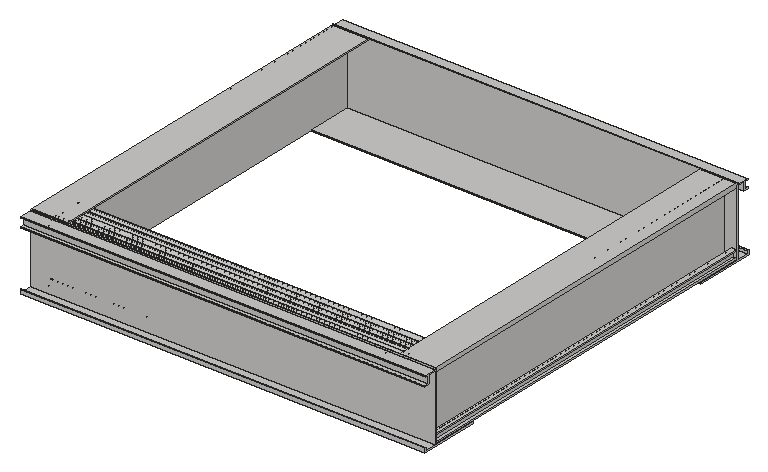
Revit family "Louver_Carnes-Ext_Alum-Drainable-Stationary-FTBB", category Duct Accessories, host Face, Revit 2012
Parameters (values of type "FTBB")
  ecoScorecard_data = ""
  ecoScorecard Product Page = "http://ecoscorecard.com/"
  Width = 24"
  Warranty URL = "http://www.carnes.com/GeneralCatalogs/termcond.pdf"
  URL = "http://www.carnes.com/index.html"
  Subcategory = "Louvers and Dampers"  # constant formula
  Spec Sheet URL = "http://www.carnes.com/Louvers/pdf/17125.pdf"
  Product Page URL = "http://www.carnes.com/Louvers/FPBB-FTBB.htm"
  Product Line = "Extruded Aluminum Stationary Drainable Blade Louver"  # constant formula
  Offset = 3"
  Model = "FTBB"  # constant formula
  Minimum Size = "12\"W x 12\"H"
  Maximum Vertical Size = "84\"W x 120\"H"
  Maximum System Velocity = 1250 FPM  # constant formula
  Maximum System Pressure = 0.70 in-wg  # constant formula
  Maximum Size Note = ""
  Maximum Horinzontal Size = "120\"W x 84\"H"
  Manufacturer Phone = "608-845-6411"  # constant formula
  Manufacturer Fax = "608-845-6470"  # constant formula
  Manufacturer Email = "mailto:carnes@carnes.com"
  Manufacturer Address = "448 S. Main St., P. O. Box 930040, Verona, WI 53593-0040"  # constant formula
  Manufacturer = "CARNES COMPANY"  # constant formula
  Installation and Maintenance URL = ""
  Height = 24"
  Frame Material = Metal - Carnes - Steel - Galvanized
  Fire Closure Device = ""
  Duct Connector 2 = "Duct Connection 2"  # constant formula
  Duct Connector 1 = "Duct Connection 1"  # constant formula
  Description = "Extruded Aluminum Stationary Drainable Blade Louver"  # constant formula
  Depth = 4 41/256"
  Default Elevation = 0"
  Cost Info = "mailto:carnes@carnes.com"
  Catalog URL = "http://www.carnes.com/Louvers/pdf/f24-25.pdf"
  Blade Width = Actual Width - 217/256" * 2  # 22 39/128"
  Blade Material = Metal - Carnes - Steel - Galvanized
  Assembly Code = "B2010300"
  Actual Width = if(Width < 6", 6", if(Width > 72", 72", Width))  # 24"
  Actual Height = if(Height < 6", 6", if(Height > 72", 72", Height))  # 24"
  95 CSI = "10200"  # constant formula
  04 CSI = "08 91 00"  # constant formula
Reference planes (in)
  plane 1 "Center (Front/Back)": y = 0
  plane 2: z = 0
  plane 3 "Center (Left/Right)": x = 0
  plane 4: x = -12
  plane 5: x = 12
  plane 6: y = 12
  plane 7: y = -12
  plane 8: y = -10.9375
  plane 9: x = -11.20993
  plane 10: x = 11.20993
  plane 11: z = -1.5
  plane 12: y = -11.47734
  plane 13: x = 22.20993
  plane 14: z = -5.375
  plane 15: z = -3
  plane 16: y = -9.48917
  plane 17: z = -1.90625
  plane 18: z = 1.5
  plane 19: z = -4.09375
  plane 20: z = -7.5
  plane 21: y = -10.85234
  plane 22: x = 10.20993
Forms (in)
  Extrusion 1, void
    sketch origin (0, 0, 0) x (1, 0, 0) y (0, 1, 0)
      loop
        line (12, -12) -> (12, 12) -> (-12, 12) -> (-12, -12) -> (12, -12)
    from 0 to -32.56442
  Sweep 2, solid, material "Metal - Carnes - Steel - Galvanized" <- "Frame Material", detail levels medium+fine
    path origin (0, -21.84066, -3) x (-1, 0, 0) y (0, -1, 0)
      loop
        line (12, -10.68775) -> (12, -32.99357)
    profile "Right-Left-Profile : Right-Left-Profile" origin (-12, 0, -3) x (-1, 0, 0) y (0, 0, 1)
      loop
        line (-2.13006, 2.01758) -> (-0.84709, 2.01758) -> (-0.84709, -2.08008) -> (-0.78459, -2.08008) -> (-0.78459, -1.99051) -> (-0.0593, -1.99051) -> (-0.0593, -1.92801) -> (-0.24689, -1.92801) -> (-0.24689, -1.49898) -> (0, -1.49898) -> (0, -1.43648) -> (-0.30939, -1.43648) -> (-0.30939, -1.92801) -> (-0.78459, -1.92801) -> (-0.78459, 2.01758) -> (-0.0625, 2.01758) -> (-0.0625, 1.83008) -> (0, 1.83008) -> (0, 2.08008) -> (-2.13006, 2.08008) -> (-2.13006, 2.01758)
  Sweep 3, solid, material "Metal - Carnes - Steel - Galvanized" <- "Frame Material", detail levels coarse
    path origin (0, -21.84066, -3) x (-1, 0, 0) y (0, -1, 0)
      loop
        line (0, -9.84066) -> (0, -33.84066)
    profile origin (0, 0, -3) x (-1, 0, 0) y (0, 0, 1)
      loop
        line (-12, 2.08008) -> (-12, -2.08008) -> (12, -2.08008) -> (12, 2.08008) -> (-12, 2.08008)
  Sweep 4, solid, material "Metal - Carnes - Steel - Galvanized" <- "Frame Material", detail levels medium+fine
    path origin (0, -21.84066, -3) x (-1, 0, 0) y (0, -1, 0)
      loop
        line (-12, -10.68775) -> (-12, -32.99357)
    profile "Right-Left-Profile : Right-Left-Profile" origin (12, 0, -3) x (-1, 0, 0) y (0, 0, 1)
      loop
        line (2.13006, 2.01758) -> (2.13006, 2.08008) -> (0, 2.08008) -> (0, 1.83008) -> (0.0625, 1.83008) -> (0.0625, 2.01758) -> (0.78459, 2.01758) -> (0.78459, -1.92801) -> (0.30939, -1.92801) -> (0.30939, -1.43648) -> (0, -1.43648) -> (0, -1.49898) -> (0.24689, -1.49898) -> (0.24689, -1.92801) -> (0.0593, -1.92801) -> (0.0593, -1.99051) -> (0.78459, -1.99051) -> (0.78459, -2.08008) -> (0.84709, -2.08008) -> (0.84709, 2.01758) -> (2.13006, 2.01758)
  Sweep 5, solid, material "Metal - Carnes - Steel - Galvanized" <- "Frame Material", detail levels medium+fine
    path origin (0, -21.84066, -3) x (-1, 0, 0) y (0, -1, 0)
      loop
        line (12, -33.84066) -> (-12, -33.84066)
    profile "Profile : Profile" origin (0, 12, -3) x (0, 1, 0) y (0, 0, 1)
      loop
        line (-3.54633, -2.01758) -> (-3.54633, -2.08008) -> (0, -2.08008) -> (0, -1.83008) -> (-0.0625, -1.83008) -> (-0.0625, -2.01758) -> (-0.78459, -2.01758) -> (-0.78459, 1.92801) -> (-0.30939, 1.92801) -> (-0.30939, 1.43648) -> (0, 1.43648) -> (0, 1.49898) -> (-0.24689, 1.49898) -> (-0.24689, 1.92801) -> (-0.0593, 1.92801) -> (-0.0593, 1.99051) -> (-0.78459, 1.99051) -> (-0.78459, 2.08008) -> (-0.84709, 2.08008) -> (-0.84709, -2.01758) -> (-3.54633, -2.01758)
  Sweep 6, solid, material "Metal - Carnes - Steel - Galvanized" <- "Frame Material", detail levels medium+fine
    path origin (0, 21.84066, -3) x (1, 0, 0) y (0, 1, 0)
      loop
        line (-12, -33.84066) -> (12, -33.84066)
    profile "Profile : Profile" origin (0, -12, -3) x (0, 1, 0) y (0, 0, 1)
      loop
        line (3.54633, -2.01758) -> (0.84709, -2.01758) -> (0.84709, 2.08008) -> (0.78459, 2.08008) -> (0.78459, 1.99051) -> (0.0593, 1.99051) -> (0.0593, 1.92801) -> (0.24689, 1.92801) -> (0.24689, 1.49898) -> (0, 1.49898) -> (0, 1.43648) -> (0.30939, 1.43648) -> (0.30939, 1.92801) -> (0.78459, 1.92801) -> (0.78459, -2.01758) -> (0.0625, -2.01758) -> (0.0625, -1.83008) -> (0, -1.83008) -> (0, -2.08008) -> (3.54633, -2.08008) -> (3.54633, -2.01758)
Lines and regions (in)
  symbolic lines, style "Damper"
    curve 1: line (12, 12, -3) -> (12, -12, -3)
    curve 2: line (-12, 12, -3) -> (12, 12, -3)
    curve 3: line (-12, -12, -3) -> (-12, 12, -3)
    curve 4: line (12, -12, -3) -> (-12, -12, -3)
  symbolic lines, style "Damper", detail levels medium+fine
    curve 5: line (12, 11.15291, -3) -> (-12, 11.15291, -3)
    curve 6: line (-12, -11.21541, -3) -> (12, -11.21541, -3)
    curve 7: line (9.86994, -11.21541, -3) -> (9.86994, 11.15291, -3)
    curve 8: line (-9.86994, 11.15291, -3) -> (-9.86994, -11.21541, -3)
Dimensions and locks (in)
  equal spacing: plane 7, plane 1 "Center (Front/Back)", plane 6
  equal spacing: plane 4, plane 3 "Center (Left/Right)", plane 5
  "Actual Width": plane 4 to plane 5
  "Actual Height": plane 6 to plane 7
  locked: plane 7 to plane 8 at 1.0625
  locked: plane 4 to plane 9 at 0.79007
  locked: plane 10 to plane 5 at 0.79007
  locked: plane 12 to plane 7 at 0.52266
  locked: plane 14 to plane 15 at 2.375
  locked: plane 16 to plane 8 at 1.44833
  "Offset": level to plane 15
  locked: plane 17 to plane 18 at 3.40625
  locked: plane 15 to plane 17 at 1.09375
  locked: plane 15 to plane 19 at 1.09375
  locked: plane 19 to plane 20 at 3.40625
  equal spacing: Sweep 3 sketch curve, plane 3 "Center (Left/Right)", Sweep 3 sketch curve
  "Actual Width": Sweep 3 sketch curve to Sweep 3 sketch curve
  locked: plane 7 to plane 21 at 1.14766
  locked: plane 5 to plane 22 at 1.79007
  aligned and locked: plane 2 to host face
  aligned and locked: level to host face
  aligned and locked: plane 5 to Extrusion 1 sketch curve
  aligned and locked: plane 7 to Extrusion 1 sketch curve
  aligned and locked: Extrusion 1 sketch curve to plane 4
  aligned and locked: Extrusion 1 sketch curve to plane 6
  aligned and locked: Extrusion 1 to level
  aligned: nested 2 to plane 12
  aligned: nested 2 to nested 5
  aligned: nested 5 to nested 4
  aligned: nested 4 to nested 6
  aligned: nested 3 to nested 5
  aligned: nested 1 to nested 5
  aligned: nested 3 to nested 2  (x2)
  aligned: nested 5 to nested 3  (x2)
  aligned: nested 4 to nested 5  (x2)
  aligned: nested 6 to nested 4  (x2)
  aligned: nested 6 to plane 15  (x3)
  aligned: nested 3 to plane 15  (x3)
  aligned: nested 5 to plane 15  (x3)
  aligned: nested 4 to plane 15  (x3)
  aligned: nested 2 to plane 15  (x3)
  aligned: nested 1 to plane 15  (x3)
  aligned: plane 16 to nested 6
  aligned: plane 12 to nested 1
  aligned and locked: plane 6 to Sweep 3 sketch curve
  aligned and locked: plane 7 to Sweep 3 sketch curve
  aligned and locked: plane 3 "Center (Left/Right)" to Sweep 3 sketch curve
  aligned: Sweep 2 to nested 1
  aligned: nested 1 to Sweep 2  (x2)
  aligned: nested 2 to plane 21
  aligned: nested 6 to Sweep 2
  aligned: nested 4 to Sweep 2
  aligned: nested 5 to Sweep 2
  aligned: nested 3 to Sweep 2
  aligned: nested 2 to Sweep 2
  aligned and locked: nested 1 to nested 2
  aligned and locked: nested 2 to nested 3
  aligned and locked: nested 3 to nested 5
  aligned and locked: nested 5 to nested 4
  aligned and locked: nested 4 to nested 6
  aligned and locked: plane 5 to Sweep 4 sketch curve
  aligned and locked: plane 6 to Sweep 5 sketch curve
  aligned and locked: plane 5 to Sweep 5 sketch curve
  aligned and locked: plane 4 to Sweep 5 sketch curve
  aligned and locked: Sweep 2 sketch curve to Sweep 5
  aligned and locked: Sweep 5 to Sweep 4 sketch curve
  aligned and locked: plane 7 to Sweep 6 sketch curve
  aligned and locked: plane 4 to Sweep 6 sketch curve
  aligned and locked: plane 5 to Sweep 6 sketch curve
  aligned and locked: Sweep 6 to Sweep 2 sketch curve
  aligned and locked: Sweep 4 sketch curve to Sweep 6
  aligned and locked: nested 1 to Sweep 6
  aligned and locked: Sweep 3 sketch curve to Sweep 6  (x2)
  aligned and locked: nested 1 to plane 15
  aligned and locked: nested 2 to plane 15
  aligned and locked: nested 3 to plane 15
  aligned and locked: nested 5 to plane 15
  aligned and locked: nested 4 to plane 15
  aligned and locked: nested 6 to plane 15
  aligned and locked: curve 7 to Sweep 4
  aligned and locked: curve 8 to Sweep 2
  aligned and locked: curve 5 to Sweep 5
  aligned and locked: Sweep 6 to curve 6
  aligned and locked: plane 5 to curve 6
  aligned and locked: plane 3 "Center (Left/Right)" to nested 1
Automatic sketch dimensions
  host sketch curve to host sketch curve = 96"  (x2)
  Sweep 2 sketch curve to plane 4 = 0"
  curve 2 to plane 4 = 0"
  curve 3 to plane 6 = 0"
  plane 7 to curve 3 = 0"
Nested families (in)
  nested 1: "Blade" at (0, -11.15291, -4.90943), type "Blades", detail levels fine
  nested 2: "Blade" at (0, -10.75525, -4.90943), type "Blades", detail levels fine
  nested 3: "Blade" at (0, -10.35758, -4.90943), type "Blades", detail levels fine
  nested 4: "Blade" at (0, -9.56226, -4.90943), type "Blades", detail levels fine
  nested 5: "Blade" at (0, -9.95992, -4.90943), type "Blades", detail levels fine
  nested 6: "Blade" at (0, -9.1646, -4.90943), type "Blades", detail levels fine
Connectors (in)
  hvac at (0, 0, -0.91992), driven by "Actual Height", driven by "Actual Width", driven by "Duct Connector 1"
    settings: on Sweep 3, index 1, duct flow 0 CFM, flow factor 0, pres drop 0.00 in-wg, loss coef 0, conn angle 0.00°, conn width 24", conn height 24", conn radius 12", duct sys type 3, conn prof type 1, flow config 0, flow direction 0, loss method 0, conn ref index 2, conn util no, is conn primary yes, conn desc "Duct Connection 1"
  hvac at (0, 0, -5.08008), driven by "Actual Height", driven by "Actual Width", driven by "Duct Connector 2"
    settings: on Sweep 3, index 2, duct flow 0 CFM, flow factor 0, pres drop 0.00 in-wg, loss coef 0, conn angle 0.00°, conn width 24", conn height 24", conn radius 12", duct sys type 3, conn prof type 1, flow config 0, flow direction 0, loss method 0, conn ref index 1, conn util no, is conn primary no, conn desc "Duct Connection 2"
Definition of nested family "Blade"
  Parameters (values of type "Blades")
    Width = 22 39/128"
    Unit = Metal - Carnes - Steel - Galvanized
    Assembly Code = ""
  Reference planes (in)
    plane 1 "Center (Front/Back)": y = 0
    plane 2: z = 0
    plane 3 "Center (Left/Right)": x = 0
    plane 4: x = -11.15234
    plane 5: x = 11.15234
    plane 6: z = 3.75781
    plane 7: z = 0.12354
    plane 8: y = 0.39766
    plane 9: z = 3.69531
    plane 10: z = 1.90943
  Forms (in)
    Extrusion 1, solid, material "Metal - Carnes - Steel - Galvanized" <- "Unit"
      sketch origin (0, 0, 0.35938) x (0, 1, 0) y (0, 0, 1)
        loop
          arc (0.23008, 2.94075) -> (0.19883, 3.33594) -> (0.16758, 2.94075) r 0.19883
          line (0.16758, 2.94075) -> (0.16758, 0.15936)
          arc (0.16758, 0.15936) -> (0.19883, -0.23583) -> (0.23008, 0.15936) r 0.19883
          line (0.23008, 0.15936) -> (0.23008, 2.94075)
        loop
          circle (0.19883, 3.13711) r 0.13633
        loop
          circle (0.19883, -0.037) r 0.13633
      from -11.15234 to 11.15234
  Lines and regions (in)
    symbolic lines, style "Damper"
      curve 1: line (-9.87109, 0.39763, 0) -> (9.87109, 0.39763, 0)
      curve 2: line (9.87109, 0, 0) -> (-9.87109, 0, 0)
      curve 3: line (-9.87109, 0, 0) -> (-9.87109, 0.39763, 0)
      curve 4: line (9.87109, 0, 0) -> (9.87109, 0.39763, 0)
  Dimensions and locks (in)
    equal spacing: plane 4, plane 3 "Center (Left/Right)", plane 5
    "Width": plane 4 to plane 5
    plane 6 to level = 3 97/128"
    locked: plane 6 to plane 9 at 0.0625
    locked: plane 4 to curve 3 at 1.28125
    locked: curve 4 to plane 5 at 1.28125
    aligned and locked: level to plane 2
    aligned and locked: plane 4 to Extrusion 1
    aligned and locked: plane 5 to Extrusion 1
    aligned and locked: curve 2 to plane 1 "Center (Front/Back)"
  Automatic sketch dimensions
    Extrusion 1 sketch curve to Extrusion 1 sketch curve = 0"  (x5)
    Extrusion 1 sketch curve to plane 1 "Center (Front/Back)" = 0.16758"
    Extrusion 1 sketch curve to Extrusion 1 sketch curve = 1/32"  (x3)
    level to Extrusion 1 sketch curve = 0.32237"
    Extrusion 1 sketch curve to Extrusion 1 sketch curve = 0.19636"  (x2)
    Extrusion 1 sketch curve to Extrusion 1 sketch curve = 2.78139"
    plane 8 to curve 3 = 0.00003"
    radius of Extrusion 1 sketch curve = 0.13633"  (x2)
